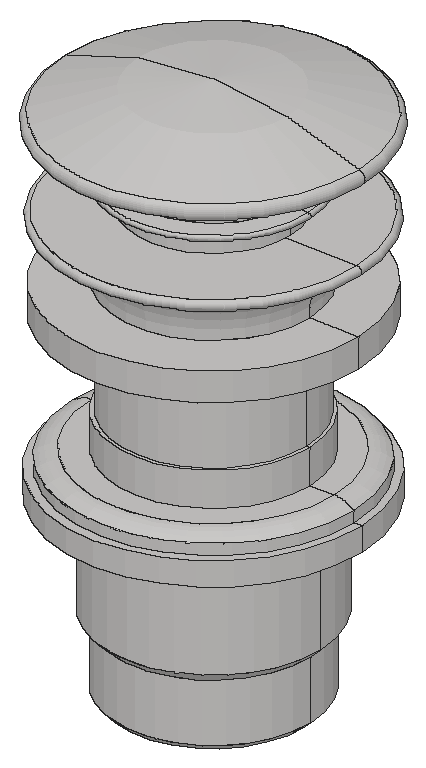
Revit family "Grohe_WasteSetWithPlug_1024642430", category Plumbing Fixtures, host Face, Revit 2020
Family settings
  Host = Face
  Round Connector Dimension = Use Diameter
  Part Type = Normal
  OmniClass Number = 23.45.05.00
  OmniClass Title = Sanitary Equipment
  Cut with Voids When Loaded = No
  Shared = No
  Room Calculation Point = No
Parameters (values of type "Waste Set With Plug (1024642430)")
  _ObjectUserGuide = "https://www.bimstore.co/products/grohe-1024642430/document/object-user-guide"
  _DistributedBy = "https://www.bimstore.co/"
  _CurrentRevision = 1
  _CreatedBy = "https://www.bimstore.co/"
  _BimSpecGuid = 0
  _BSBibleVersion = 17
  _AuthorizedBy = "bimstore"
  _Author = "RL 171"
  WarrantyStartDate [instance] = "Please Record on Commissioning"
  WarrantyGuarantorParts = "info-uk@grohe.com"
  WarrantyGuarantorLabor = "info-uk@grohe.com"
  WarrantyDurationUnit = "Years"
  WarrantyDurationParts = "0"
  WarrantyDurationLabor = "0"
  WarrantyDescription = "n/a"
  URL = "https://www.grohe.co.uk/en_gb/-1024642430.html"
  TypeName = "Waste Set With Plug"
  Type Comments = "Waste Set With Plug"
  TPIDocumentLink = "n/a"
  SustainabilityReport = "green.grohe.com/reporting"
  SustainabilityAward = "green.grohe.com/awards"
  SpareParts = "info-uk@grohe.com"
  Size = "n/a"
  Shape = "n/a"
  SerialNumber [instance] = "Please Record on Commissioning"
  ReplacementCost = "n/a"
  ReferencedStandard = "n/a"
  ProductionYear = "2023"
  ProductType = "Inlet-, Waste- +Overflow Fitti"
  ProductShortText = "Waste set with push-open plug"
  ProductNumber = "1024642430"
  ProductDescription = "for wash basins with overflow\r\n\r\nremovable plug\r\n\r\nclosable"
  PrimaryMaterial = Grohe_Chrome
  PQDiagramLink = "n/a"
  NominalLength = 0 mm
  NominalHeight = 0 mm
  NominalDepth = 0 mm
  NBSReference = "45-35-70/280"
  NBSOfficeMasterTag = "n/a"
  NBSObjectName = "Grohe - Shower fittings package"
  NBSNote = "n/a"
  NBSDescription = "Shower fittings package"
  ModelReference = "Waste Set With Plug"
  ModelNumber = "1024642430"
  Model = "Waste Set With Plug"
  Material = "n/a"
  ManufacturerName = "Grohe"
  Manufacturer = "Grohe"
  Keynote = "N16"
  InstallationVideo = "n/a"
  InstallationDate [instance] = "Please Record on Commissioning"
  IfcExportType = "IfcPipeFittingType"
  IfcExportAs = "IfcPipeFitting"
  Grade = "n/a"
  GROHESustainability = "green.grohe.com"
  GROHESocialCommittment = "green.grohe.com/social_engagement"
  FullRecyclabilityOfPlastic = "All plastic components are fully recycable"
  Finish = "Chrome"
  Features = "n/a"
  ExpectedLife = 0
  Ecojoy = no
  DurationUnit = "Years"
  DocumentationTechnical = "https://www.bimstore.co/products/grohe-1024642430/document/technical-data-sheet"
  DocumentationMaintenance = "https://www.bimstore.co/products/grohe-1024642430/document/maintenance-information"
  DocumentationLiterature = "https://www.bimstore.co/products/grohe-1024642430/document/product-literature"
  DocumentationInstallationGuide = "https://www.bimstore.co/products/grohe-1024642430/document/installation-guide"
  DocumentationCertificates = "https://www.bimstore.co/products/grohe-1024642430/document/product-certificates"
  DimensionsDocumentLink = "https://cdn.cloud.grohe.com/dimdraw/1000/1900/1930/1939/1939509/1280/1939509.jpg"
  Description = "Waste Set With Plug"
  Default Elevation = 0 mm
  CreatedOn = "2023-12-05T:09:00:00"
  CreatedBy = "info-uk@grohe.com"
  CradleToCradleCertification = "n/a"
  Cost = 0
  Constituents = "n/a"
  Color = "Grohe_Chrome"
  CodePerformance = "n/a"
  ClassificationValue = "Pr_40_20_87_55"
  ClassificationName = "Uniclass2015"
  CO2NeutralProduction = "GROHE is one of the first leading manufacturer within the sanitary industry having a CO2-neutral production."
  BarCode [instance] = "Please Record on Commissioning"
  BIMObjectName = "Grohe_WasteSetWithPlug_1024642430"
  AssetType = "Fixed"
  AssetIdentifier [instance] = "n/a"
  Assembly Code = "D2013"
  AccessibilityPerformance = "n/a"
Reference planes
  plane 1 "Center (Front/Back)": y = 0
  plane 2: z = 0
  plane 3 "Center (Left/Right)": x = 0
Forms (mm)
  Revolve 1, solid, material "Grohe_Chrome" <- "PrimaryMaterial"
    sketch origin (0, 0, 0) x (1, 0, 0) y (0, 0, 1)
      loop
        line (0, -91.852) -> (0, 24.948)
        arc (0, 24.948) -> (-15.907, 23.357) -> (-31.184, 18.645) r 80.296
        arc (-31.184, 18.645) -> (-32.179, 16.763) -> (-30.531, 15.414) r 1.682
        line (-30.531, 15.414) -> (-16.491, 15.414) -> (-16.491, 6.716) -> (-20.232, 6.455)
        arc (-20.232, 6.455) -> (-20.706, 5.947) -> (-20.232, 5.44) r 0.509
        line (-20.232, 5.44) -> (-16.491, 5.178) -> (-16.491, 0.937) -> (-11, 0.937) -> (-11, 0) -> (-30.538, 0)
        arc (-30.538, 0) -> (-31.505, -0.843) -> (-30.802, -1.917) r 0.977
        line (-30.802, -1.917) -> (-28.061, -2.688)
        arc (-28.061, -2.688) -> (-22.362, -6.712) -> (-20.471, -13.428) r 10.437
        line (-20.471, -13.428) -> (-30.999, -13.428) -> (-30.999, -19.428) -> (-19.85, -19.428) -> (-19.85, -38.129) -> (-20.65, -38.129) -> (-20.65, -45.352) -> (-25.931, -45.352)
        arc (-25.931, -45.352) -> (-28.092, -45.741) -> (-29.982, -46.861) r 6.192
        line (-29.982, -46.861) -> (-29.982, -49.152) -> (-31.75, -49.152) -> (-31.75, -54.14) -> (-22.85, -55.716) -> (-22.85, -75.958) -> (-20.685, -78.123) -> (-20.685, -90.651) -> (-19.484, -91.852) -> (0, -91.852)
      axis (0, 24.948) -> (0, -91.852)
    angle from 0 to 360
  Revolve 2, void
    sketch origin (0, 0, 0) x (1, 0, 0) y (0, 0, 1)
      loop
        line (0, -91.852) -> (0, 0) -> (-30.999, 0) -> (-30.999, -91.852) -> (0, -91.852)
      axis (0, 0) -> (0, -91.852)
    angle from 0 to 360
Dimensions and locks
  aligned and locked: plane 2 to host face
  aligned and locked: level to host face
